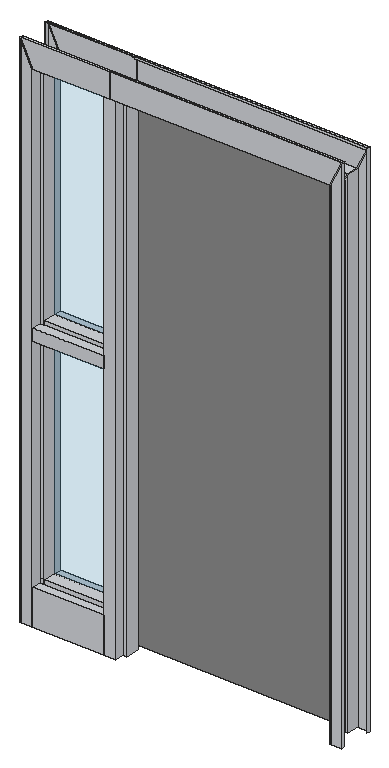
Revit family "SideLight Ext-F-MDMF-36 x 84-18 RSLT-4 Head", category Doors, host Wall, Revit 2014
Parameters (values of type "Ext-F-MDMF-36" x 84"-18"RSLT-4" Head")
  Width = Door Panel Width  # 3' - 0"
  Wall Thickness [instance] = 0' - 5 3/4"
  URL = ""
  Type Comments = "EXT,"
  Thickness = 0' - 1 3/4"
  Swing Angle [instance] = 90.00°
  Sidelite Width = P2 Width - 0' 2"  # 1' - 0"
  SDI Right Sidelite Width = Sidelite Width  # 1' - 0"
  SDI RO Spacing = 0' - 0"
  SDI Panel 1 Width = Leaf Width + 0' 0 3/16"  # 3' - 0"
  SDI No Panels = ""
  SDI HW Set [instance] = ""
  SDI HW Item LO-2 [instance] = ""
  SDI HW Item LO-1 [instance] = ""
  SDI HW Item KP-2 [instance] = ""
  SDI HW Item KP-1 [instance] = ""
  SDI HW Item HI-2 [instance] = ""
  SDI HW Item HI-1 [instance] = ""
  SDI HW Item HC-2 [instance] = ""
  SDI HW Item HC-1 [instance] = ""
  SDI HW Item ED-2 [instance] = ""
  SDI HW Item ED-1 [instance] = ""
  SDI HW Item DO-2 [instance] = ""
  SDI HW Item DO-1 [instance] = ""
  SDI HW Item CL-2 [instance] = ""
  SDI HW Item CL-1 [instance] = ""
  SDI Glass Material = Glass
  SDI Frame Type = "Right Sidelite"
  SDI Frame Sill Width = 0' - 6"
  SDI Frame Material Type = "Hollow Metal"
  SDI Frame Material = Paint - Generic - Prime
  SDI Frame Manufacturer = ""
  SDI Frame Jamb Width = 0' - 2"
  SDI Frame Head Width = 0' - 4"
  SDI Frame Finish Type = "Painted"
  SDI Frame Finish Color = "Prime"
  SDI Frame Depth [instance] = 0' - 5 3/4"
  SDI Family Version = "1.0"
  SDI Door Panel Type = "F"
  SDI Door Material Type = "Hollow Metal"
  SDI Door Material = Paint - Generic - Prime
  SDI Door Manufacturer = ""
  SDI Door Finish Type = "Painted"
  SDI Door Finish Color = "Prime"
  SDI Door Configuration = "SG"
  SDI Arch Frame Type [instance] = ""
  SDI Arch Frame Material Type [instance] = "HM"
  SDI Arch Door Panel Type [instance] = "F"
  SDI Arch Door Material Type [instance] = "HM"
  SDI Adjacent Wall Placement = 0' - 4"
  Rough Width = Frame Width - 0' 0" + 2 * SDI RO Spacing  # 4' - 6"
  Rough Height = Frame Height - 0' 0" + SDI RO Spacing  # 7' - 4"
  R1 Height = 7' - 2"
  P2 Width = 1' - 2"
  P1 Width = 3' - 2"
  Model = "Ext-F-MDMF-36\" x 84\"-18\"RSLT-4\" Head"
  Manufacturer = ""
  Leaf Width = P1 Width - 0' 2 3/16"  # 2' - 11 13/16"
  Height = Door Panel Height  # 7' - 0"
  Glass Offset [instance] = 0' 2 1/16" + (SDI Frame Depth - 0' 5 3/4") / 2  # 0' - 2 1/16"
  Function = Exterior
  Frame Width = P1 Width + P2 Width + 0' 2"  # 4' - 6"
  Frame Offset [instance] = if(Aligned Exterior, SDI Frame Depth / 2, if(Aligned Center, Wall Thickness / 2, if(Aligned Interior, Wall Thickness - SDI Frame Depth + SDI Frame Depth / 2, Aligned Other)))  # 0' - 2 7/8"
  Frame Height = R1 Height + 0' 2"  # 7' - 4"
  Fire Rating = ""
  Exterior Glazing [instance] = no
  Door Panel Width = P1 Width - 0' 2"  # 3' - 0"
  Door Panel Height = R1 Height + 0' 2" - (0' 4")  # 7' - 0"
  Door Offset [instance] = 0' 2 13/16" + (SDI Frame Depth - 0' 5 3/4") / 2  # 0' - 2 13/16"
  Description = "Hollow Metal Door with Hollow Metal Frame"
  Cost = 0
  Assembly Code = "B2030220"
  Analytic Construction = "<None>"
  Aligned Other [instance] = 0' - 0"
  Aligned Interior [instance] = no
  Aligned Exterior [instance] = yes
  Aligned Center [instance] = no
  ADA Clearance Lines = no
Reference planes (in)
  plane 1: y = 0
  plane 2 "Center (Left/Right)": x = 0
  plane 3 "Wall Edge": y = 2.875
  plane 4 "Wall Interior": y = -2.875
  plane 5 "ModelRefLevel": z = 0
  plane 6 "FrameDepthPlane": y = 0
  plane 7 "FrameFront": y = 2.875
  plane 8 "FrameBack": y = -2.875
  plane 9 "V0": x = 26
  plane 10 "V1": x = -12
  plane 11 "V2": x = -26
  plane 12 "H0": z = 1
  plane 13 "H1": z = 87
  plane 14 "InTermLeftJamb0": x = 25
  plane 15 "OutTermLeftJamb0": x = 27
  plane 16 "OutsideJamb1": x = -13
  plane 17 "InsideJamb1": x = -11
  plane 18 "InTermRightJamb2": x = -25
  plane 19 "OutTermRightJamb2": x = -27
  plane 20 "D0.151041666666667": y = 1.0625
  plane 21 "D0.109375": y = 1.5625
  plane 22 "DoorLeft": x = 25
  plane 23 "DoorRight": x = -11
  plane 24 "DoorCenter": x = 7
  plane 25 "DoorTop": z = 83.875
  plane 26 "DoorCenterTB": z = 41.9375
  plane 27 "DoorExtFace": y = 2.8125
  plane 28 "DoorGlassFace": y = 2.0625
  plane 29 "LockCenterLine": z = 41.3125
  plane 30 "ActDoorLeft": x = 24.90625
  plane 31 "SwingClrPlane": y = 62.875
  plane 32 "SwingPartialPlane": y = 50.875
  plane 33 "LeftAdjWall": x = 31
  plane 34: z = 44
Forms (in)
  Extrusion 1, solid
    sketch origin (145.6875, 0, 44) x (-1, 0, 0) y (0, -1, 0)
      loop
        line (118.6875, -2.375) -> (118.6875, -2.875) -> (120.6875, -2.875) -> (120.6875, -0.9375) -> (121.3125, -0.9375) -> (121.3125, 1.3125) -> (120.6875, 1.3125) -> (120.6875, 2.875) -> (118.6875, 2.875) -> (118.6875, 2.4375) -> (118.75, 2.4375) -> (118.75, 2.8125) -> (120.625, 2.8125) -> (120.625, 1.25) -> (121.25, 1.25) -> (121.25, -0.875) -> (120.625, -0.875) -> (120.625, -2.8125) -> (118.75, -2.8125) -> (118.75, -2.375) -> (118.6875, -2.375)
    from -44 to 44
  Extrusion 2, void
    sketch origin (0, 2.875, 0) x (1, 0, 0) y (0, 0, 1)
      loop
        line (27, 88) -> (24.375, 88) -> (24.375, 82.75) -> (27, 88)
    from -12 to 12
  Extrusion 3, solid
    sketch origin (108, 0, 42) x (-1, 0, 0) y (0, -1, 0)
      loop
        line (121, -0.9375) -> (121.625, -0.9375) -> (121.625, 1.3125) -> (121, 1.3125) -> (121, 2.875) -> (119, 2.875) -> (119, 1.3125) -> (118.375, 1.3125) -> (118.375, -0.9375) -> (119, -0.9375) -> (119, -2.875) -> (121, -2.875) -> (121, -0.9375)
      loop
        line (120.9375, -0.875) -> (121.5625, -0.875) -> (121.5625, 1.25) -> (120.9375, 1.25) -> (120.9375, 2.8125) -> (119.0625, 2.8125) -> (119.0625, 1.25) -> (118.4375, 1.25) -> (118.4375, -0.875) -> (119.0625, -0.875) -> (119.0625, -2.8125) -> (120.9375, -2.8125) -> (120.9375, -0.875)
    from -42 to 42
  Extrusion 4, solid
    sketch origin (94.3125, 0, 44) x (-1, 0, 0) y (0, -1, 0)
      loop
        line (121.25, -2.375) -> (121.25, -2.8125) -> (119.375, -2.8125) -> (119.375, -0.875) -> (118.75, -0.875) -> (118.75, 1.25) -> (119.375, 1.25) -> (119.375, 2.8125) -> (121.25, 2.8125) -> (121.25, 2.4375) -> (121.3125, 2.4375) -> (121.3125, 2.875) -> (119.3125, 2.875) -> (119.3125, 1.3125) -> (118.6875, 1.3125) -> (118.6875, -0.9375) -> (119.3125, -0.9375) -> (119.3125, -2.875) -> (121.3125, -2.875) -> (121.3125, -2.375) -> (121.25, -2.375)
    from -44 to 44
  Extrusion 5, void
    sketch origin (0, 2.875, 0) x (1, 0, 0) y (0, 0, 1)
      loop
        line (-27, 88) -> (-24.375, 82.75) -> (-24.375, 88) -> (-27, 88)
    from -12 to 12
  Extrusion 6, solid
    sketch origin (-19, 0, 3.3125) x (0, 1, 0) y (0, 0, 1)
      loop
        line (2.375, -3.3125) -> (2.875, -3.3125) -> (2.875, 2.6875) -> (0.9375, 2.6875) -> (0.9375, 3.3125) -> (-1.3125, 3.3125) -> (-1.3125, 2.6875) -> (-2.875, 2.6875) -> (-2.875, -3.3125) -> (-2.4375, -3.3125) -> (-2.4375, -3.25) -> (-2.8125, -3.25) -> (-2.8125, 2.625) -> (-1.25, 2.625) -> (-1.25, 3.25) -> (0.875, 3.25) -> (0.875, 2.625) -> (2.8125, 2.625) -> (2.8125, -3.25) -> (2.375, -3.25) -> (2.375, -3.3125)
    from -6 to 6
  Extrusion 7, solid
    sketch origin (7.5, 0, 85.6875) x (0, 1, 0) y (0, 0, 1)
      loop
        line (2.4375, 1.9375) -> (2.4375, 2.25) -> (2.8125, 2.25) -> (2.8125, -1.625) -> (0.875, -1.625) -> (0.875, -2.25) -> (-1.25, -2.25) -> (-1.25, -1.625) -> (-2.8125, -1.625) -> (-2.8125, 2.25) -> (-2.4375, 2.25) -> (-2.4375, 1.9375) -> (-2.375, 1.9375) -> (-2.375, 2.3125) -> (-2.875, 2.3125) -> (-2.875, -1.6875) -> (-1.3125, -1.6875) -> (-1.3125, -2.3125) -> (0.9375, -2.3125) -> (0.9375, -1.6875) -> (2.875, -1.6875) -> (2.875, 2.3125) -> (2.375, 2.3125) -> (2.375, 1.9375) -> (2.4375, 1.9375)
    from -19.5 to 19.5
  Extrusion 8, void
    sketch origin (0, 2.875, 0) x (1, 0, 0) y (0, 0, 1)
      loop
        line (27, 88) -> (24.6875, 83.375) -> (27, 83.375) -> (27, 88)
    from -12 to 12
  Extrusion 9, solid
    sketch origin (-19.5, 0, 85.6875) x (0, 1, 0) y (0, 0, 1)
      loop
        line (2.375, 2.25) -> (2.8125, 2.25) -> (2.8125, -1.625) -> (0.875, -1.625) -> (0.875, -2.25) -> (-1.25, -2.25) -> (-1.25, -1.625) -> (-2.8125, -1.625) -> (-2.8125, 2.25) -> (-2.4375, 2.25) -> (-2.4375, 2.3125) -> (-2.875, 2.3125) -> (-2.875, -1.6875) -> (-1.3125, -1.6875) -> (-1.3125, -2.3125) -> (0.9375, -2.3125) -> (0.9375, -1.6875) -> (2.875, -1.6875) -> (2.875, 2.3125) -> (2.375, 2.3125) -> (2.375, 2.25)
    from -7.5 to 7.5
  Extrusion 10, void
    sketch origin (0, 2.875, 0) x (1, 0, 0) y (0, 0, 1)
      loop
        line (-27, 88) -> (-27, 83.375) -> (-24.6875, 83.375) -> (-27, 88)
    from -12 to 12
  Extrusion 11, solid, material "Glass" <- "SDI Glass Material"
    sketch origin (-60, 1.0625, -12) x (1, 0, 0) y (0, 0, 1)
      loop
        line (47, 18) -> (47, 55) -> (35, 55) -> (35, 18) -> (47, 18)
      loop
        line (35, 96) -> (35, 57) -> (47, 57) -> (47, 96) -> (35, 96)
    from -0.125 to 0.125
  Extrusion 12, solid, material "Glass" <- "SDI Glass Material", visible <- "Exterior Glazing"
    sketch origin (-60, 1.5625, -12) x (1, 0, 0) y (0, 0, 1)
      loop
        line (47, 18) -> (47, 55) -> (35, 55) -> (35, 18) -> (47, 18)
      loop
        line (35, 96) -> (35, 57) -> (47, 57) -> (47, 96) -> (35, 96)
    from -0.125 to 0.125
  Extrusion 13, solid, material "Paint - Generic - Prime" <- "SDI Door Material"
    sketch origin (-60, 2.8125, -12) x (1, 0, 0) y (0, 0, 1)
      loop
        line (84.90625, 12.625) -> (84.90625, 95.875) -> (49.09375, 95.875) -> (49.09375, 12.625) -> (84.90625, 12.625)
    from 0 to 1.75
  Sweep 14, solid
    path origin (-19.85964, 3.1251, -0.10974) x (1, 0, 0) y (0, 0, 1)
      loop
        line (6.85964, 44.10974) -> (-5.14036, 44.10974)
    profile origin (-19, 3.1251, 44) x (0, 0, -1) y (0, -1, 0)
      loop
        line (1.5625, 4.375) -> (0.9375, 4.375) -> (0.9375, 5.9375) -> (-0.9375, 5.9375) -> (-0.9375, 4.375) -> (-1.5625, 4.375) -> (-1.5625, 2.25) -> (-0.9375, 2.25) -> (-0.9375, 0.3125) -> (0.9375, 0.3125) -> (0.9375, 2.25) -> (1.5625, 2.25) -> (1.5625, 4.375)
      loop
        line (-1, 0.25) -> (1, 0.25) -> (1, 2.1875) -> (1.625, 2.1875) -> (1.625, 4.4375) -> (1, 4.4375) -> (1, 6) -> (-1, 6) -> (-1, 4.4375) -> (-1.625, 4.4375) -> (-1.625, 2.1875) -> (-1, 2.1875) -> (-1, 0.25)
Cuts and joins
  Extrusion 2 cuts Extrusion 1
  Extrusion 5 cuts Extrusion 4
  Extrusion 8 cuts Extrusion 7
  Extrusion 10 cuts Extrusion 9
Lines and regions (in)
  Opening 1
    outline origin (-60, -2.875, 0) x (1, 0, 0) y (0, 0, 1)
      loop
        line (87, 0) -> (87, 88) -> (33, 88) -> (33, 0) -> (87, 0)
  symbolic lines, style "DoorsFrameMullionProjection", detail levels fine
    curve 1: line (27, 2.375, 0) -> (27, 2.875, 0)
    curve 2: line (27, 2.875, 0) -> (25, 2.875, 0)
    curve 3: line (25, 2.875, 0) -> (25, 0.9375, 0)
    curve 4: line (25, 0.9375, 0) -> (24.375, 0.9375, 0)
    curve 5: line (24.375, 0.9375, 0) -> (24.375, -1.3125, 0)
    curve 6: line (24.375, -1.3125, 0) -> (25, -1.3125, 0)
    curve 7: line (25, -1.3125, 0) -> (25, -2.875, 0)
    curve 8: line (25, -2.875, 0) -> (27, -2.875, 0)
    curve 9: line (27, -2.875, 0) -> (27, -2.4375, 0)
    curve 10: line (27, -2.4375, 0) -> (26.9375, -2.4375, 0)
    curve 11: line (26.9375, -2.4375, 0) -> (26.9375, -2.8125, 0)
    curve 12: line (26.9375, -2.8125, 0) -> (25.0625, -2.8125, 0)
    curve 13: line (25.0625, -2.8125, 0) -> (25.0625, -1.25, 0)
    curve 14: line (25.0625, -1.25, 0) -> (24.4375, -1.25, 0)
    curve 15: line (24.4375, -1.25, 0) -> (24.4375, 0.875, 0)
    curve 16: line (24.4375, 0.875, 0) -> (25.0625, 0.875, 0)
    curve 17: line (25.0625, 0.875, 0) -> (25.0625, 2.8125, 0)
    curve 18: line (25.0625, 2.8125, 0) -> (26.9375, 2.8125, 0)
    curve 19: line (26.9375, 2.8125, 0) -> (26.9375, 2.375, 0)
    curve 20: line (26.9375, 2.375, 0) -> (27, 2.375, 0)
    curve 25: line (-13, 0.9375, 0) -> (-13.625, 0.9375, 0)
    curve 26: line (-13.625, 0.9375, 0) -> (-13.625, -1.3125, 0)
    curve 27: line (-13.625, -1.3125, 0) -> (-13, -1.3125, 0)
    curve 28: line (-13, -1.3125, 0) -> (-13, -2.875, 0)
    curve 29: line (-13, -2.875, 0) -> (-11, -2.875, 0)
    curve 30: line (-11, -2.875, 0) -> (-11, -1.3125, 0)
    curve 31: line (-11, -1.3125, 0) -> (-10.375, -1.3125, 0)
    curve 32: line (-10.375, -1.3125, 0) -> (-10.375, 0.9375, 0)
    curve 33: line (-10.375, 0.9375, 0) -> (-11, 0.9375, 0)
    curve 34: line (-11, 0.9375, 0) -> (-11, 2.875, 0)
    curve 35: line (-11, 2.875, 0) -> (-13, 2.875, 0)
    curve 36: line (-13, 2.875, 0) -> (-13, 0.9375, 0)
    curve 37: line (-12.9375, 0.875, 0) -> (-13.5625, 0.875, 0)
    curve 38: line (-13.5625, 0.875, 0) -> (-13.5625, -1.25, 0)
    curve 39: line (-13.5625, -1.25, 0) -> (-12.9375, -1.25, 0)
    curve 40: line (-12.9375, -1.25, 0) -> (-12.9375, -2.8125, 0)
    curve 41: line (-12.9375, -2.8125, 0) -> (-11.0625, -2.8125, 0)
    curve 42: line (-11.0625, -2.8125, 0) -> (-11.0625, -1.25, 0)
    curve 43: line (-11.0625, -1.25, 0) -> (-10.4375, -1.25, 0)
    curve 44: line (-10.4375, -1.25, 0) -> (-10.4375, 0.875, 0)
    curve 45: line (-10.4375, 0.875, 0) -> (-11.0625, 0.875, 0)
    curve 46: line (-11.0625, 0.875, 0) -> (-11.0625, 2.8125, 0)
    curve 47: line (-11.0625, 2.8125, 0) -> (-12.9375, 2.8125, 0)
    curve 48: line (-12.9375, 2.8125, 0) -> (-12.9375, 0.875, 0)
    curve 53: line (-26.9375, 2.375, 0) -> (-26.9375, 2.8125, 0)
    curve 54: line (-26.9375, 2.8125, 0) -> (-25.0625, 2.8125, 0)
    curve 55: line (-25.0625, 2.8125, 0) -> (-25.0625, 0.875, 0)
    curve 56: line (-25.0625, 0.875, 0) -> (-24.4375, 0.875, 0)
    curve 57: line (-24.4375, 0.875, 0) -> (-24.4375, -1.25, 0)
    curve 58: line (-24.4375, -1.25, 0) -> (-25.0625, -1.25, 0)
    curve 59: line (-25.0625, -1.25, 0) -> (-25.0625, -2.8125, 0)
    curve 60: line (-25.0625, -2.8125, 0) -> (-26.9375, -2.8125, 0)
    curve 61: line (-26.9375, -2.8125, 0) -> (-26.9375, -2.4375, 0)
    curve 62: line (-26.9375, -2.4375, 0) -> (-27, -2.4375, 0)
    curve 63: line (-27, -2.4375, 0) -> (-27, -2.875, 0)
    curve 64: line (-27, -2.875, 0) -> (-25, -2.875, 0)
    curve 65: line (-25, -2.875, 0) -> (-25, -1.3125, 0)
    curve 66: line (-25, -1.3125, 0) -> (-24.375, -1.3125, 0)
    curve 67: line (-24.375, -1.3125, 0) -> (-24.375, 0.9375, 0)
    curve 68: line (-24.375, 0.9375, 0) -> (-25, 0.9375, 0)
    curve 69: line (-25, 0.9375, 0) -> (-25, 2.875, 0)
    curve 70: line (-25, 2.875, 0) -> (-27, 2.875, 0)
    curve 71: line (-27, 2.875, 0) -> (-27, 2.375, 0)
    curve 72: line (-27, 2.375, 0) -> (-26.9375, 2.375, 0)
  symbolic lines, style "DoorsFrameMullionProjection", detail levels coarse+medium
    curve 21: line (25, -2.875, 0) -> (27, -2.875, 0)
    curve 22: line (25, 2.875, 0) -> (27, 2.875, 0)
    curve 23: line (25, -2.875, 0) -> (25, 2.875, 0)
    curve 24: line (27, -2.875, 0) -> (27, 2.875, 0)
    curve 49: line (-13, -2.875, 0) -> (-11, -2.875, 0)
    curve 50: line (-13, 2.875, 0) -> (-11, 2.875, 0)
    curve 51: line (-13, -2.875, 0) -> (-13, 2.875, 0)
    curve 52: line (-11, -2.875, 0) -> (-11, 2.875, 0)
    curve 73: line (-27, -2.875, 0) -> (-25, -2.875, 0)
    curve 74: line (-27, 2.875, 0) -> (-25, 2.875, 0)
    curve 75: line (-27, -2.875, 0) -> (-27, 2.875, 0)
    curve 76: line (-25, -2.875, 0) -> (-25, 2.875, 0)
  symbolic lines, style "Elevation Swing"
    curve 77: line (-10.90625, 2.875, 83.875) -> (24.90625, 2.875, 41.9375)
    curve 78: line (-10.90625, 2.875, 0) -> (24.90625, 2.875, 41.9375)
  symbolic lines, style "ADA Clearance", visible <- "ADA Clearance Lines"
    curve 79: line (27, 2.875, 0) -> (27, 62.875, 0)
    curve 80: line (-29, 62.875, 0) -> (27, 62.875, 0)
    curve 81: line (-29, 50.875, 0) -> (27, 50.875, 0)
    curve 82: line (-29, 2.875, 0) -> (-29, 62.875, 0)
    curve 83: line (27, -2.875, 0) -> (27, -50.875, 0)
    curve 84: line (-23, -50.875, 0) -> (27, -50.875, 0)
    curve 85: line (-23, -2.875, 0) -> (-23, -50.875, 0)
Text (in)
  text "Placement Side" at (0, 40.15149, 123.01588), in view "Right"
  text "Placement Side" at (-70.3804, 28.46503, 0), in view "Ref. Level"
  text "Placement Side" at (0, 81.62555, 140.59947), in view "Left"
Dimensions and locks (in)
  locked: plane 3 "Wall Edge" to host wall
  equal spacing: host wall, plane 2 "Center (Left/Right)", host wall
  "Rough Width": host wall to host wall
  "Rough Height": level to host wall
  equal spacing: plane 3 "Wall Edge", plane 1, plane 4 "Wall Interior"
  "Wall Thickness": host wall to host wall
  "Frame Offset": plane 3 "Wall Edge" to plane 6 "FrameDepthPlane"
  equal spacing: plane 7 "FrameFront", plane 6 "FrameDepthPlane", plane 8 "FrameBack"
  "SDI Frame Depth": plane 7 "FrameFront" to plane 8 "FrameBack"
  equal spacing: plane 9 "V0", plane 2 "Center (Left/Right)", plane 11 "V2"
  "P1 Width": plane 9 "V0" to plane 10 "V1"
  "P2 Width": plane 10 "V1" to plane 11 "V2"
  "R1 Height": plane 12 "H0" to plane 13 "H1"
  locked: plane 13 "H1" to Extrusion 1 at 1
  locked: plane 12 "H0" to Extrusion 1 at 1
  locked: plane 9 "V0" to Extrusion 1 at 1  (x4)
  locked: plane 9 "V0" to Extrusion 1 at 0.9375  (x5)
  locked: plane 9 "V0" to Extrusion 1 at 1.5625
  locked: plane 9 "V0" to Extrusion 1 at 1.625
  locked: plane 9 "V0" to curve 1 at 1
  locked: plane 9 "V0" to curve 2 at 1
  locked: plane 9 "V0" to curve 3 at 1
  locked: plane 9 "V0" to curve 4 at 1
  locked: plane 9 "V0" to curve 5 at 1.625
  locked: plane 9 "V0" to curve 6 at 1.625
  locked: plane 9 "V0" to curve 7 at 1
  locked: plane 9 "V0" to curve 8 at 1
  locked: plane 9 "V0" to curve 9 at 1
  locked: plane 9 "V0" to curve 10 at 1
  locked: plane 9 "V0" to curve 11 at 0.9375
  locked: plane 9 "V0" to curve 12 at 0.9375
  locked: plane 9 "V0" to curve 13 at 0.9375
  locked: plane 9 "V0" to curve 14 at 0.9375
  locked: plane 9 "V0" to curve 15 at 1.5625
  locked: plane 9 "V0" to curve 16 at 1.5625
  locked: plane 9 "V0" to curve 17 at 0.9375
  locked: plane 9 "V0" to curve 18 at 0.9375
  locked: plane 9 "V0" to curve 19 at 0.9375
  locked: plane 9 "V0" to curve 20 at 0.9375
  locked: plane 9 "V0" to plane 15 "OutTermLeftJamb0" at 1
  locked: plane 9 "V0" to plane 14 "InTermLeftJamb0" at 1
  locked: plane 9 "V0" to curve 21 at 1
  locked: plane 9 "V0" to curve 22 at 1
  locked: plane 9 "V0" to curve 23 at 1
  locked: plane 9 "V0" to curve 24 at 1
  locked: plane 13 "H1" to Extrusion 3 at 3
  locked: plane 12 "H0" to Extrusion 3 at 1
  locked: plane 10 "V1" to Extrusion 3 at 1  (x5)
  locked: plane 10 "V1" to Extrusion 3 at 1.625  (x2)
  locked: plane 10 "V1" to Extrusion 3 at 1.5625  (x2)
  locked: plane 10 "V1" to Extrusion 3 at 0.9375  (x4)
  locked: plane 10 "V1" to curve 25 at 1
  locked: plane 10 "V1" to curve 26 at 1.625
  locked: plane 10 "V1" to curve 27 at 1.625
  locked: plane 10 "V1" to curve 28 at 1
  locked: plane 10 "V1" to curve 29 at 1
  locked: plane 10 "V1" to curve 30 at 1
  locked: plane 10 "V1" to curve 31 at 1
  locked: plane 10 "V1" to curve 32 at 1.625
  locked: plane 10 "V1" to curve 33 at 1.625
  locked: plane 10 "V1" to curve 34 at 1
  locked: plane 10 "V1" to curve 35 at 1
  locked: plane 10 "V1" to curve 36 at 1
  locked: plane 10 "V1" to curve 37 at 0.9375
  locked: plane 10 "V1" to curve 38 at 1.5625
  locked: plane 10 "V1" to curve 39 at 1.5625
  locked: plane 10 "V1" to curve 40 at 0.9375
  locked: plane 10 "V1" to curve 41 at 0.9375
  locked: plane 10 "V1" to curve 42 at 0.9375
  locked: plane 10 "V1" to curve 43 at 0.9375
  locked: plane 10 "V1" to curve 44 at 1.5625
  locked: plane 10 "V1" to curve 45 at 1.5625
  locked: plane 10 "V1" to curve 46 at 0.9375
  locked: plane 10 "V1" to curve 47 at 0.9375
  locked: plane 10 "V1" to curve 48 at 0.9375
  locked: plane 10 "V1" to plane 16 "OutsideJamb1" at 1
  locked: plane 10 "V1" to plane 17 "InsideJamb1" at 1
  locked: plane 10 "V1" to curve 49 at 1
  locked: plane 10 "V1" to curve 50 at 1
  locked: plane 10 "V1" to curve 51 at 1
  locked: plane 10 "V1" to curve 52 at 1
  locked: plane 13 "H1" to Extrusion 4 at 1
  locked: plane 12 "H0" to Extrusion 4 at 1
  locked: plane 11 "V2" to Extrusion 4 at 0.9375  (x4)
  locked: plane 11 "V2" to Extrusion 4 at 1  (x5)
  locked: plane 11 "V2" to Extrusion 4 at 1.625
  locked: plane 11 "V2" to Extrusion 4 at 1.5625
  locked: plane 11 "V2" to curve 53 at 0.9375
  locked: plane 11 "V2" to curve 54 at 0.9375
  locked: plane 11 "V2" to curve 55 at 0.9375
  locked: plane 11 "V2" to curve 56 at 0.9375
  locked: plane 11 "V2" to curve 57 at 1.5625
  locked: plane 11 "V2" to curve 58 at 1.5625
  locked: plane 11 "V2" to curve 59 at 0.9375
  locked: plane 11 "V2" to curve 60 at 0.9375
  locked: plane 11 "V2" to curve 61 at 0.9375
  locked: plane 11 "V2" to curve 62 at 0.9375
  locked: plane 11 "V2" to curve 63 at 1
  locked: plane 11 "V2" to curve 64 at 1
  locked: plane 11 "V2" to curve 65 at 1
  locked: plane 11 "V2" to curve 66 at 1
  locked: plane 11 "V2" to curve 67 at 1.625
  locked: plane 11 "V2" to curve 68 at 1.625
  locked: plane 11 "V2" to curve 69 at 1
  locked: plane 11 "V2" to curve 70 at 1
  locked: plane 11 "V2" to curve 71 at 1
  locked: plane 11 "V2" to curve 72 at 1
  locked: plane 11 "V2" to plane 18 "InTermRightJamb2" at 1
  locked: plane 11 "V2" to plane 19 "OutTermRightJamb2" at 1
  locked: plane 11 "V2" to curve 73 at 1
  locked: plane 11 "V2" to curve 74 at 1
  locked: plane 11 "V2" to curve 75 at 1
  locked: plane 11 "V2" to curve 76 at 1
  locked: plane 10 "V1" to Extrusion 6 at 1
  locked: plane 11 "V2" to Extrusion 6 at 1
  locked: plane 12 "H0" to Extrusion 6 at 5  (x2)
  locked: plane 12 "H0" to Extrusion 6 at 5.625
  locked: plane 12 "H0" to Extrusion 6 at 0.9375  (x2)
  locked: plane 12 "H0" to Extrusion 6 at 1  (x3)
  locked: plane 12 "H0" to Extrusion 6 at 4.9375  (x2)
  locked: plane 12 "H0" to Extrusion 6 at 5.5625
  locked: plane 9 "V0" to Extrusion 7 at 1
  locked: plane 13 "H1" to Extrusion 7 at 2.9375  (x2)
  locked: plane 13 "H1" to Extrusion 7 at 3.5625
  locked: plane 13 "H1" to Extrusion 7 at 1  (x2)
  locked: plane 13 "H1" to Extrusion 7 at 0.9375  (x3)
  locked: plane 13 "H1" to Extrusion 7 at 0.625  (x2)
  locked: plane 13 "H1" to Extrusion 7 at 3  (x2)
  locked: plane 13 "H1" to Extrusion 7 at 3.625
  locked: plane 11 "V2" to Extrusion 9 at 1
  locked: plane 13 "H1" to Extrusion 9 at 2.9375  (x2)
  locked: plane 13 "H1" to Extrusion 9 at 3.5625
  locked: plane 13 "H1" to Extrusion 9 at 1  (x2)
  locked: plane 13 "H1" to Extrusion 9 at 0.9375  (x3)
  locked: plane 13 "H1" to Extrusion 9 at 3  (x2)
  locked: plane 13 "H1" to Extrusion 9 at 3.625
  locked: plane 7 "FrameFront" to cut or joined group of Extrusion 1, Extrusion 2 at 1.9375
  locked: plane 7 "FrameFront" to cut or joined group of Extrusion 1, Extrusion 2 at 2
  locked: plane 7 "FrameFront" to cut or joined group of Extrusion 1, Extrusion 2 at 0.0625
  locked: plane 7 "FrameFront" to cut or joined group of Extrusion 1, Extrusion 2 at 0.5
  locked: plane 8 "FrameBack" to cut or joined group of Extrusion 1, Extrusion 2 at 1.5625
  locked: plane 8 "FrameBack" to cut or joined group of Extrusion 1, Extrusion 2 at 0.4375
  locked: plane 8 "FrameBack" to cut or joined group of Extrusion 1, Extrusion 2 at 0.0625
  locked: plane 8 "FrameBack" to cut or joined group of Extrusion 1, Extrusion 2 at 1.625
  locked: plane 7 "FrameFront" to Extrusion 3 at 1.9375  (x2)
  locked: plane 7 "FrameFront" to Extrusion 3 at 2  (x2)
  locked: plane 7 "FrameFront" to Extrusion 3 at 0.0625
  locked: plane 8 "FrameBack" to Extrusion 3 at 1.5625  (x2)
  locked: plane 8 "FrameBack" to Extrusion 3 at 1.625  (x2)
  locked: plane 8 "FrameBack" to Extrusion 3 at 0.0625
  locked: plane 7 "FrameFront" to cut or joined group of Extrusion 4, Extrusion 5 at 0.0625
  locked: plane 7 "FrameFront" to cut or joined group of Extrusion 4, Extrusion 5 at 2
  locked: plane 7 "FrameFront" to cut or joined group of Extrusion 4, Extrusion 5 at 1.9375
  locked: plane 7 "FrameFront" to cut or joined group of Extrusion 4, Extrusion 5 at 0.5
  locked: plane 8 "FrameBack" to cut or joined group of Extrusion 4, Extrusion 5 at 1.625
  locked: plane 8 "FrameBack" to cut or joined group of Extrusion 4, Extrusion 5 at 0.0625
  locked: plane 8 "FrameBack" to cut or joined group of Extrusion 4, Extrusion 5 at 0.4375
  locked: plane 8 "FrameBack" to cut or joined group of Extrusion 4, Extrusion 5 at 1.5625
  locked: plane 7 "FrameFront" to Extrusion 6 at 1.9375
  locked: plane 7 "FrameFront" to Extrusion 6 at 2
  locked: plane 7 "FrameFront" to Extrusion 6 at 0.0625
  locked: plane 7 "FrameFront" to Extrusion 6 at 0.5
  locked: plane 8 "FrameBack" to Extrusion 6 at 1.5625
  locked: plane 8 "FrameBack" to Extrusion 6 at 0.4375
  locked: plane 8 "FrameBack" to Extrusion 6 at 0.0625
  locked: plane 8 "FrameBack" to Extrusion 6 at 1.625
  locked: plane 7 "FrameFront" to cut or joined group of Extrusion 7, Extrusion 8 at 0.0625
  locked: plane 7 "FrameFront" to cut or joined group of Extrusion 7, Extrusion 8 at 2
  locked: plane 7 "FrameFront" to cut or joined group of Extrusion 7, Extrusion 8 at 1.9375
  locked: plane 7 "FrameFront" to cut or joined group of Extrusion 7, Extrusion 8 at 0.5
  locked: plane 7 "FrameFront" to cut or joined group of Extrusion 7, Extrusion 8 at 0.4375
  locked: plane 8 "FrameBack" to cut or joined group of Extrusion 7, Extrusion 8 at 1.625
  locked: plane 8 "FrameBack" to cut or joined group of Extrusion 7, Extrusion 8 at 0.0625
  locked: plane 8 "FrameBack" to cut or joined group of Extrusion 7, Extrusion 8 at 0.4375
  locked: plane 8 "FrameBack" to cut or joined group of Extrusion 7, Extrusion 8 at 0.5
  locked: plane 8 "FrameBack" to cut or joined group of Extrusion 7, Extrusion 8 at 1.5625
  locked: plane 7 "FrameFront" to cut or joined group of Extrusion 9, Extrusion 10 at 0.0625
  locked: plane 7 "FrameFront" to cut or joined group of Extrusion 9, Extrusion 10 at 2
  locked: plane 7 "FrameFront" to cut or joined group of Extrusion 9, Extrusion 10 at 1.9375
  locked: plane 7 "FrameFront" to cut or joined group of Extrusion 9, Extrusion 10 at 0.5
  locked: plane 8 "FrameBack" to cut or joined group of Extrusion 9, Extrusion 10 at 1.625
  locked: plane 8 "FrameBack" to cut or joined group of Extrusion 9, Extrusion 10 at 0.0625
  locked: plane 8 "FrameBack" to cut or joined group of Extrusion 9, Extrusion 10 at 0.4375
  locked: plane 8 "FrameBack" to cut or joined group of Extrusion 9, Extrusion 10 at 1.5625
  locked: plane 7 "FrameFront" to curve 4 at 1.9375
  locked: plane 7 "FrameFront" to curve 16 at 2
  locked: plane 7 "FrameFront" to curve 18 at 0.0625
  locked: plane 7 "FrameFront" to curve 20 at 0.5
  locked: plane 7 "FrameFront" to curve 25 at 1.9375
  locked: plane 7 "FrameFront" to curve 33 at 1.9375
  locked: plane 7 "FrameFront" to curve 37 at 2
  locked: plane 7 "FrameFront" to curve 45 at 2
  locked: plane 7 "FrameFront" to curve 47 at 0.0625
  locked: plane 7 "FrameFront" to curve 54 at 0.0625
  locked: plane 7 "FrameFront" to curve 56 at 2
  locked: plane 7 "FrameFront" to curve 68 at 1.9375
  locked: plane 7 "FrameFront" to curve 72 at 0.5
  locked: plane 8 "FrameBack" to curve 6 at 1.5625
  locked: plane 8 "FrameBack" to curve 10 at 0.4375
  locked: plane 8 "FrameBack" to curve 12 at 0.0625
  locked: plane 8 "FrameBack" to curve 14 at 1.625
  locked: plane 8 "FrameBack" to curve 27 at 1.5625
  locked: plane 8 "FrameBack" to curve 31 at 1.5625
  locked: plane 8 "FrameBack" to curve 39 at 1.625
  locked: plane 8 "FrameBack" to curve 41 at 0.0625
  locked: plane 8 "FrameBack" to curve 43 at 1.625
  locked: plane 8 "FrameBack" to curve 58 at 1.625
  locked: plane 8 "FrameBack" to curve 60 at 0.0625
  locked: plane 8 "FrameBack" to curve 62 at 0.4375
  locked: plane 8 "FrameBack" to curve 66 at 1.5625
  locked: plane 7 "FrameFront" to Extrusion 11 at 1.9375
  locked: plane 7 "FrameFront" to Extrusion 11 at 1.6875
  locked: plane 7 "FrameFront" to Extrusion 12 at 1.4375
  locked: plane 7 "FrameFront" to Extrusion 12 at 1.1875
  locked: plane 9 "V0" to plane 22 "DoorLeft" at 1
  locked: plane 10 "V1" to plane 23 "DoorRight" at 1
  locked: plane 13 "H1" to plane 25 "DoorTop" at 3.125
  equal spacing: plane 25 "DoorTop", plane 26 "DoorCenterTB", plane 5 "ModelRefLevel"
  "Door Offset": plane 6 "FrameDepthPlane" to plane 27 "DoorExtFace"
  "Glass Offset": plane 6 "FrameDepthPlane" to plane 28 "DoorGlassFace"
  locked: plane 29 "LockCenterLine" to plane 5 "ModelRefLevel" at 41.3125
  locked: Extrusion 13 to Extrusion 13 at 1.75
  locked: plane 22 "DoorLeft" to Extrusion 13 at 0.09375
  locked: plane 23 "DoorRight" to Extrusion 13 at 0.09375
  locked: plane 5 "ModelRefLevel" to Extrusion 13 at 0.625
  locked: plane 22 "DoorLeft" to plane 30 "ActDoorLeft" at 0.09375
  locked: plane 3 "Wall Edge" to plane 31 "SwingClrPlane" at 60
  locked: plane 3 "Wall Edge" to plane 32 "SwingPartialPlane" at 48
  "SDI Adjacent Wall Placement": plane 15 "OutTermLeftJamb0" to plane 33 "LeftAdjWall"
  equal spacing: plane 12 "H0", plane 34, plane 13 "H1"
  equal spacing: Extrusion 12 sketch curve, plane 34, Extrusion 12 sketch curve, locked at 1 each
  Sweep 14 sketch curve to Sweep 14 sketch curve = 1' - 0"
  aligned and locked: plane 4 "Wall Interior" to host wall
  aligned and locked: Extrusion 7 to plane 10 "V1"
  aligned and locked: plane 10 "V1" to Extrusion 9
  aligned and locked: cut or joined group of Extrusion 1, Extrusion 2 to plane 7 "FrameFront"
  aligned and locked: plane 8 "FrameBack" to cut or joined group of Extrusion 1, Extrusion 2
  aligned and locked: Extrusion 3 to plane 7 "FrameFront"
  aligned and locked: plane 8 "FrameBack" to Extrusion 3
  aligned and locked: cut or joined group of Extrusion 4, Extrusion 5 to plane 7 "FrameFront"
  aligned and locked: plane 8 "FrameBack" to cut or joined group of Extrusion 4, Extrusion 5
  aligned and locked: Extrusion 6 to plane 7 "FrameFront"
  aligned and locked: plane 8 "FrameBack" to Extrusion 6
  aligned and locked: cut or joined group of Extrusion 7, Extrusion 8 to plane 7 "FrameFront"
  aligned and locked: plane 8 "FrameBack" to cut or joined group of Extrusion 7, Extrusion 8
  aligned and locked: cut or joined group of Extrusion 9, Extrusion 10 to plane 7 "FrameFront"
  aligned and locked: plane 8 "FrameBack" to cut or joined group of Extrusion 9, Extrusion 10
  aligned and locked: curve 2 to plane 7 "FrameFront"
  aligned and locked: plane 7 "FrameFront" to curve 22
  aligned and locked: curve 35 to plane 7 "FrameFront"
  aligned and locked: plane 7 "FrameFront" to curve 50
  aligned and locked: curve 70 to plane 7 "FrameFront"
  aligned and locked: plane 7 "FrameFront" to curve 74
  aligned and locked: plane 8 "FrameBack" to curve 8
  aligned and locked: plane 8 "FrameBack" to curve 29
  aligned and locked: plane 8 "FrameBack" to curve 64
  aligned and locked: Extrusion 13 to plane 27 "DoorExtFace"
  aligned and locked: Extrusion 13 to plane 25 "DoorTop"
  aligned and locked: plane 7 "FrameFront" to nested 1
  aligned and locked: plane 30 "ActDoorLeft" to nested 1
  aligned and locked: plane 31 "SwingClrPlane" to curve 80
  aligned and locked: plane 32 "SwingPartialPlane" to curve 81
  aligned and locked: Extrusion 11 sketch curve to Extrusion 12  (x2)
  aligned and locked: Sweep 14 sketch curve to plane 34
  aligned and locked: cut or joined group of Extrusion 4, Extrusion 5 to Sweep 14 sketch curve
Automatic sketch dimensions
  Opening 1 sketch curve to level = 0' - 0"
  Opening 1 sketch curve to plane 2 "Center (Left/Right)" = 2' - 3"
  plane 2 "Center (Left/Right)" to Opening 1 sketch curve = 2' - 3"
  level to Opening 1 sketch curve = 7' - 4"
  Extrusion 2 sketch curve to plane 9 "V0" = 0' - 1 5/8"
  plane 9 "V0" to Extrusion 2 sketch curve = 0' - 1"
  plane 13 "H1" to Extrusion 2 sketch curve = 0' - 4 1/4"
  Extrusion 2 sketch curve to plane 13 "H1" = 0' - 1"
  Extrusion 1 sketch curve to host wall = 0' - 0"
  host wall to Extrusion 1 sketch curve = 0' - 0"
  Extrusion 1 sketch curve to host wall = 0' - 0 1/2"
  plane 2 "Center (Left/Right)" to Extrusion 1 sketch curve = 2' - 3"  (x2)
  Extrusion 1 sketch curve to host wall = 0' - 0 7/16"
  Extrusion 1 sketch curve to Extrusion 1 sketch curve = 0' - 0 1/16"  (x7)
  plane 2 "Center (Left/Right)" to Extrusion 1 sketch curve = 2' - 1 1/16"  (x2)
  Extrusion 1 sketch curve to host wall = 0' - 0 1/16"  (x2)
  Extrusion 1 sketch curve to Extrusion 1 sketch curve = 0' - 0 9/16"
  Extrusion 1 sketch curve to host wall = 0' - 0 15/16"
  host wall to Extrusion 1 sketch curve = 0' - 1 1/4"
  plane 9 "V0" to curve 1 = 0' - 1"
  curve 3 to curve 4 = 0' - 0 5/8"
  curve 7 to plane 9 "V0" = 0' - 1"
  curve 9 to curve 10 = 0' - 0 1/16"
  curve 12 to curve 7 = 0' - 0 1/16"
  curve 14 to curve 5 = 0' - 0 1/16"
  curve 16 to curve 3 = 0' - 0 1/16"
  curve 1 to curve 18 = 0' - 0 1/16"
  host wall to Extrusion 3 sketch curve = 0' - 0"
  Extrusion 3 sketch curve to host wall = 0' - 0"
  Extrusion 3 sketch curve to plane 2 "Center (Left/Right)" = 0' - 10 3/8"
  Extrusion 3 sketch curve to Extrusion 3 sketch curve = 0' - 0 1/16"  (x10)
  Extrusion 3 sketch curve to Extrusion 3 sketch curve = 0' - 0 9/16"  (x2)
  Extrusion 3 sketch curve to plane 2 "Center (Left/Right)" = 0' - 11"
  Extrusion 3 sketch curve to host wall = 0' - 0 1/16"  (x2)
  Extrusion 3 sketch curve to plane 2 "Center (Left/Right)" = 1' - 0 15/16"  (x2)
  Extrusion 3 sketch curve to host wall = 0' - 0 15/16"  (x2)
  host wall to Extrusion 3 sketch curve = 0' - 1 1/4"  (x2)
  curve 27 to curve 26 = 0' - 0 5/8"
  curve 31 to curve 30 = 0' - 0 5/8"
  curve 37 to curve 36 = 0' - 0 1/16"
  curve 37 to curve 25 = 0' - 0 1/16"
  curve 39 to curve 27 = 0' - 0 1/16"
  curve 29 to curve 41 = 0' - 0 1/16"
  curve 31 to curve 43 = 0' - 0 1/16"
  curve 33 to curve 45 = 0' - 0 1/16"
  curve 50 to plane 17 "InsideJamb1" = 0' - 0"
  curve 50 to plane 16 "OutsideJamb1" = 0' - 0"
  Extrusion 5 sketch curve to plane 11 "V2" = 0' - 1"
  plane 11 "V2" to Extrusion 5 sketch curve = 0' - 1 5/8"
  plane 13 "H1" to Extrusion 5 sketch curve = 0' - 4 1/4"
  Extrusion 5 sketch curve to plane 13 "H1" = 0' - 1"
  host wall to Extrusion 4 sketch curve = 0' - 0"
  Extrusion 4 sketch curve to host wall = 0' - 0"
  Extrusion 4 sketch curve to plane 2 "Center (Left/Right)" = 2' - 0 3/8"
  Extrusion 4 sketch curve to Extrusion 4 sketch curve = 0' - 0 1/16"  (x7)
  Extrusion 4 sketch curve to Extrusion 4 sketch curve = 0' - 0 9/16"  (x2)
  Extrusion 4 sketch curve to host wall = 0' - 0 7/16"
  Extrusion 4 sketch curve to plane 2 "Center (Left/Right)" = 2' - 2 15/16"  (x2)
  Extrusion 4 sketch curve to host wall = 0' - 0 1/2"
  Extrusion 4 sketch curve to host wall = 0' - 0 1/16"  (x2)
  Extrusion 4 sketch curve to host wall = 0' - 0 15/16"
  host wall to Extrusion 4 sketch curve = 0' - 1 1/4"
  plane 11 "V2" to curve 54 = 0' - 0 15/16"
  curve 56 to curve 55 = 0' - 0 5/8"
  curve 60 to plane 11 "V2" = 0' - 0 15/16"
  curve 61 to curve 62 = 0' - 0 1/16"
  curve 65 to curve 58 = 0' - 0 1/16"
  curve 66 to curve 57 = 0' - 0 1/16"
  curve 68 to curve 55 = 0' - 0 1/16"
  curve 53 to curve 70 = 0' - 0 1/16"
  Extrusion 6 sketch curve to host wall = 0' - 0"  (x2)
  Extrusion 6 sketch curve to host wall = 0' - 0 1/16"  (x2)
  Extrusion 6 sketch curve to Extrusion 6 sketch curve = 0' - 0 3/8"
  host wall to Extrusion 6 sketch curve = 0' - 1 5/16"
  Extrusion 6 sketch curve to Extrusion 6 sketch curve = 0' - 0 1/16"  (x7)
  Extrusion 6 sketch curve to host wall = 0' - 0 7/8"
  Extrusion 6 sketch curve to Extrusion 6 sketch curve = 0' - 0 1/2"
  Extrusion 6 sketch curve to level = 0' - 0"  (x2)
  Extrusion 6 sketch curve to plane 12 "H0" = 0' - 4 15/16"  (x2)
  Extrusion 6 sketch curve to Extrusion 6 sketch curve = 0' - 0 9/16"
  Extrusion 8 sketch curve to plane 15 "OutTermLeftJamb0" = 0' - 0"
  Extrusion 8 sketch curve to plane 14 "InTermLeftJamb0" = 0' - 0 5/16"
  plane 13 "H1" to Extrusion 8 sketch curve = 0' - 3 5/8"
  Extrusion 8 sketch curve to plane 13 "H1" = 0' - 1"
  Extrusion 7 sketch curve to host wall = 0' - 0"  (x2)
  Extrusion 7 sketch curve to host wall = 0' - 0 1/16"  (x2)
  Extrusion 7 sketch curve to host wall = 0' - 0 7/16"
  Extrusion 7 sketch curve to Extrusion 7 sketch curve = 0' - 0 1/16"  (x9)
  host wall to Extrusion 7 sketch curve = 0' - 1 5/16"
  Extrusion 7 sketch curve to host wall = 0' - 0 7/8"
  Extrusion 7 sketch curve to host wall = 0' - 0 1/2"
  level to Extrusion 7 sketch curve = 6' - 11 3/8"
  Extrusion 7 sketch curve to Extrusion 7 sketch curve = 0' - 0 5/8"
  level to Extrusion 7 sketch curve = 7' - 0"
  Extrusion 7 sketch curve to plane 12 "H0" = 7' - 2 5/8"  (x2)
  Extrusion 7 sketch curve to Extrusion 7 sketch curve = 0' - 0 5/16"  (x2)
  Extrusion 10 sketch curve to plane 19 "OutTermRightJamb2" = 0' - 0"
  plane 18 "InTermRightJamb2" to Extrusion 10 sketch curve = 0' - 0 5/16"
  plane 13 "H1" to Extrusion 10 sketch curve = 0' - 3 5/8"
  Extrusion 10 sketch curve to plane 13 "H1" = 0' - 1"
  Extrusion 9 sketch curve to host wall = 0' - 0"  (x2)
  Extrusion 9 sketch curve to host wall = 0' - 0 1/16"  (x2)
  Extrusion 9 sketch curve to Extrusion 9 sketch curve = 0' - 0 3/8"
  host wall to Extrusion 9 sketch curve = 0' - 1 5/16"
  Extrusion 9 sketch curve to Extrusion 9 sketch curve = 0' - 0 1/16"  (x7)
  Extrusion 9 sketch curve to host wall = 0' - 0 7/8"
  Extrusion 9 sketch curve to host wall = 0' - 0 1/2"
  level to Extrusion 9 sketch curve = 6' - 11 3/8"
  Extrusion 9 sketch curve to Extrusion 9 sketch curve = 0' - 0 9/16"  (x2)
  Extrusion 9 sketch curve to plane 12 "H0" = 7' - 2 15/16"  (x2)
  Extrusion 11 sketch curve to plane 12 "H0" = 0' - 5"
  plane 13 "H1" to Extrusion 11 sketch curve = 0' - 3"
  Extrusion 13 sketch curve to plane 25 "DoorTop" = 0' - 0"
  plane 17 "InsideJamb1" to Extrusion 13 sketch curve = 0' - 0 3/32"
  Extrusion 13 sketch curve to plane 14 "InTermLeftJamb0" = 0' - 0 3/32"
  plane 12 "H0" to Extrusion 13 sketch curve = 0' - 0 3/8"
  curve 77 to plane 25 "DoorTop" = 0' - 0"
  curve 77 to plane 26 "DoorCenterTB" = 0' - 0"
  plane 17 "InsideJamb1" to curve 77 = 0' - 0 3/32"
  curve 78 to level = 0' - 0"
  curve 78 to plane 30 "ActDoorLeft" = 0' - 0"
  plane 17 "InsideJamb1" to curve 78 = 0' - 0 3/32"
  curve 79 to host wall = 0' - 0"
  curve 81 to plane 15 "OutTermLeftJamb0" = 0' - 0"
  curve 82 to host wall = 0' - 0"
  curve 82 to plane 19 "OutTermRightJamb2" = 0' - 2"
  host wall to curve 83 = 0' - 0"
  host wall to curve 83 = 4' - 0"
  curve 84 to plane 15 "OutTermLeftJamb0" = 0' - 0"
  host wall to curve 85 = 0' - 0"
  plane 18 "InTermRightJamb2" to curve 85 = 0' - 2"
  Extrusion 12 sketch curve to plane 18 "InTermRightJamb2" = 0' - 0"  (x2)
  Extrusion 12 sketch curve to plane 16 "OutsideJamb1" = 0' - 0"  (x2)
  Extrusion 12 sketch curve to plane 12 "H0" = 0' - 5"
  Extrusion 12 sketch curve to plane 25 "DoorTop" = 0' - 0 1/8"
  Extrusion 12 sketch curve to plane 26 "DoorCenterTB" = 0' - 1 1/16"
  Extrusion 11 sketch curve to plane 16 "OutsideJamb1" = 0' - 0"  (x2)
  Extrusion 11 sketch curve to plane 18 "InTermRightJamb2" = 0' - 0"  (x2)
  profile plane to Sweep 14 sketch curve = 0' - 0 1/4"
  profile plane to Sweep 14 sketch curve = 0' - 1 5/8"
  Sweep 14 sketch curve to Sweep 14 sketch curve = 0' - 0 1/16"  (x11)
  profile plane to Sweep 14 sketch curve = 0' - 1"  (x2)
  Sweep 14 sketch curve to profile plane = 0' - 0 15/16"  (x2)
  Sweep 14 sketch curve to Sweep 14 sketch curve = 0' - 0 9/16"
  profile plane to Sweep 14 sketch curve = 0' - 0 5/16"
  Sweep 14 sketch curve to Sweep 14 sketch curve = 0' - 1 7/8"  (x2)
  Sweep 14 sketch curve to Sweep 14 sketch curve = 0' - 2 1/8"  (x2)
  Sweep 14 sketch curve to Sweep 14 sketch curve = 0' - 1 1/2"
Nested families (in)
  nested 1: "SingleDoorPlanLines" at (24.90625, 2.875, 0.625), type "SingleDoorPlanLines"
Definition of nested family "SingleDoorPlanLines"
  Parameters (values of type "SingleDoorPlanLines")
    Width = 3' - 0"
    URL = ""
    Thickness = 0' - 1 3/4"
    Analytic Construction = "<None>"
    Swing Angle = 90.00°
  Reference planes (in)
    plane 1 "Front": y = 0
    plane 2: z = 0
    plane 3 "Right": x = 0
    plane 4 "Left": x = -36
  Lines and regions (in)
    symbolic lines, style "DoorsPanelProjection"
      curve 1: line (0, 0, 0) -> (0, 36, 0)
      curve 2: line (0, 36, 0) -> (-1.75, 36, 0)
      curve 3: line (-1.75, 36, 0) -> (-1.75, 0, 0)
      curve 4: line (-1.75, 0, 0) -> (0, 0, 0)
    model lines, style "InvisibleLines", not visible
      curve 5: line (0, 0, 0) -> (-38.99851, -0.34033, 0)
    symbolic lines, style "Plan Swing"
      curve 6: arc (-35.99863, -0.31416, 0) -> (-25.56667, 25.34453, 0) -> (0, 36, 0) r 36
  Dimensions and locks (in)
    "Thickness": curve 3 to curve 1
    "Width": curve 2 to curve 4
    "Width": plane 4 "Left" to plane 3 "Right"
    "Swing Angle": angle curve 1 to plane 1 "Front"
    locked: plane 1 "Front" to curve 5 (angle 0.50°)
  Automatic sketch dimensions
    curve 6 to plane 1 "Front" = 0' - 0"
    curve 6 to plane 3 "Right" = 0' - 0"
    curve 4 to plane 1 "Front" = 0' - 0"
    curve 4 to plane 3 "Right" = 0' - 0"
